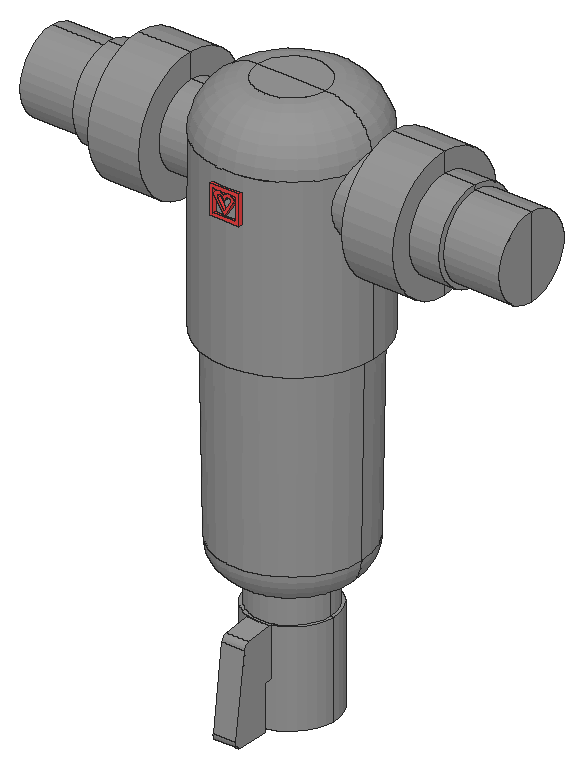
Revit family "Фильтр для горячей воды 0554", category Rohrzubehör, Revit 2021
Family settings
  Bemaßung runder Anschluss = Durchmesser verwenden
  Teiletyp = Unterbricht
  OmniClass-Nummer = 23.65.55.14
  OmniClass-Titel = Valves for Liquid Services
  Arbeitsebenenbasiert = Nein
  Immer vertikal = Ja
  Beim Laden mit Abzugskörper schneiden = Nein
  Gemeinsam genutzt = Nein
Parameters
  Фильтрующий элемент = "нержавеющая сталь, тонкость фильтрации 100 мкм"  # constant formula
  Среда = "Питьевая вода"  # constant formula
  Примечание = "В соответствии со статьей 33 Регламента REACH (Registration; Evaluation; Authorisation; Restriction of Chemicals) (EC № 1907/2006) мы обязаны указать, что свинец внесен в список SVHC (Substances of Very High Concern - вещества очень высокой важности) и весовой процент свинца во всех латунных компонентах заводского изготовления в наших изделиях, превышает 0,1 % (w/w) (CAS: 7439-92-1 / EINECS: 231-100-4).\r\nПоскольку свинец является легирующим компонентом сплава, прямое негативное влияние исключается, и поэтому дополнительной информации о безопасном использовании не требуется."
  Макс. рабочее давление = 1600000.0 Pa  # constant formula
  Макс. рабочая температура = 60 °C  # constant formula
  Корпус = "латунь, CW617N"  # constant formula
  Исполнение = "HERZ-фильтр для воды устанавливается на вводе в здание для предотвращения попадания загрязнений в питьевую воду."
  W02 = 88.00°  # constant formula
  W01 = 89.00°  # constant formula
  Vorgabe-Ansicht = 0.000 mm
  VRS01 = 10.000 mm  # constant formula
  SC_NennweiteBerechnet = 0
  SC_Dimension = ""
  SCTWSEQ = "FI;SBT_TYP_FI=\"FI\";2"
  SCTWCODE = "02;00;02"  # constant formula
  S01 [instance] = (L02 + VRL01 + VRL02) - (L01 / 2)  # 30.500 mm
  Модель = "Фильтр для горячей воды с корпусом из латуни и чашей из трогамида."
  Чаша = "пластик, трогамид"  # constant formula
  GT [instance] = size_lookup("0554_", "GT", 1.000 mm, Nennweite)  # 17.500 mm
  VRL02 [instance] = size_lookup("0554_", "VRL2", 1.000 mm, Nennweite)  # 27.000 mm
  VRL01 [instance] = size_lookup("0554_", "VRL1", 1.000 mm, Nennweite)  # 16.000 mm
  VRD02 [instance] = size_lookup("0554_", "VRD2", 1.000 mm, Nennweite)  # 14.000 mm
  VRD01 [instance] = size_lookup("0554_", "VRD1", 1.000 mm, Nennweite)  # 20.000 mm
  URL = "www.herz-armaturen.ru"
  T01 = 1.000 mm  # constant formula
  R02 = 8.000 mm  # constant formula
  R01 = 12.500 mm  # constant formula
  Nennweite [instance] = 25.000 mm
  D02 = 22.750 mm  # constant formula
  L02 [instance] = size_lookup("0554_", "L2", 1.000 mm, Nennweite)  # 31.500 mm
  L01 [instance] = size_lookup("0554_", "L1", 1.000 mm, Nennweite)  # 88.000 mm
  Hersteller = "HERZ Armaturen Ges.m.b.H."  # constant formula
  H04 = 151.000 mm  # constant formula
  H03 = 67.500 mm  # constant formula
  H02 = 45.500 mm  # constant formula
  H01 = 24.000 mm  # constant formula
  Номер заказа [instance] = if(Nennweite = 15.000 mm, "I055401", if(Nennweite = 20.000 mm, "I055402", if(Nennweite = 25.000 mm, "I055403", "0")))  # "I055403"
  AG [instance] = Nennweite / 2  # 12.500 mm
  D01 = 25.500 mm  # constant formula
Reference planes
  plane 1 "Mitte (Vorne/hinten)": y = 0
  plane 2: z = 0
  plane 3 "Mitte (Links/rechts)": x = 0
Forms (mm)
  Revolve 1, solid, material "Messing, weicher Gelbton, geschweißt", detail levels fine
    sketch origin (0, 0, 0) x (1, 0, 0) y (0, 0, 1)
      loop
        line (-44, 0) -> (44, 0) -> (44, 12.5) -> (-44, 12.5) -> (-44, 0)
      axis (-44, 0) -> (44, 0)
    angle from 0 to 360
  Revolve 2, solid, material "Messing, weicher Gelbton, geschweißt", detail levels fine
    sketch origin (0, 0, 0) x (1, 0, 0) y (0, 0, 1)
      loop
        line (-31.5, 0) -> (-31.5, 20) -> (-47.5, 20) -> (-47.5, 14) -> (-57, 14) -> (-57, 12.5) -> (-74.5, 12.5) -> (-74.5, 0) -> (-31.5, 0)
      axis (-74.5, 0) -> (-31.5, 0)
    angle from 0 to 360
  Revolve 3, solid, material "Messing, weicher Gelbton, geschweißt", detail levels fine
    sketch origin (0, 0, 0) x (-1, 0, 0) y (0, 0, 1)
      loop
        line (-31.5, 0) -> (-31.5, 20) -> (-47.5, 20) -> (-47.5, 14) -> (-57, 14) -> (-57, 12.5) -> (-74.5, 12.5) -> (-74.5, 0) -> (-31.5, 0)
      axis (-74.5, 0) -> (-31.5, 0)
    angle from 0 to 360
  Revolve 4, solid, material "Messing, weicher Gelbton, geschweißt", detail levels fine
    sketch origin (0, 0, 0) x (1, 0, 0) y (0, 0, 1)
      loop
        line (0, -45.5) -> (0, 24) -> (-10.5, 24)
        arc (-10.5, 24) -> (-21.107, 19.607) -> (-25.5, 9) r 15
        line (-25.5, 9) -> (-25.5, -45.5) -> (0, -45.5)
      axis (0, 24) -> (0, -45.5)
    angle from 0 to 360
  Revolve 5, solid, material "ABS-Kunststoff", detail levels fine
    sketch origin (0, 0, 0) x (1, 0, 0) y (0, 0, 1)
      loop
        line (0, -45.5) -> (-22.75, -45.5) -> (-21.744, -103.156)
        arc (-21.744, -103.156) -> (-19.193, -109.695) -> (-13, -113) r 10.114
        line (-13, -113) -> (0, -113) -> (0, -45.5)
      axis (0, -45.5) -> (0, -113)
    angle from 0 to 360
  Revolve 6, solid, material "Aluminium 3003-H16", detail levels fine
    sketch origin (0, 0, 0) x (1, 0, 0) y (0, 0, 1)
      loop
        line (-13.007, -151) -> (0, -151) -> (0, -113) -> (-12.007, -113) -> (-12.007, -122) -> (-13.007, -122) -> (-13.007, -151)
      axis (0, -113) -> (0, -151)
    angle from 0 to 360
  Extrusion 7, solid, material "Acetalharz, Schwarz", detail levels fine
    sketch origin (0, 0, 0) x (0, 1, 0) y (0, 0, 1)
      loop
        line (-15.045, -151) -> (-15.045, -137.8)
        arc (-15.045, -137.8) -> (-14.81, -137.234) -> (-14.245, -137) r 0.8
        line (-14.245, -137) -> (0, -137) -> (0, -122) -> (-12.995, -122) -> (-20.95, -122.837)
        arc (-20.95, -122.837) -> (-22.128, -123.386) -> (-22.72, -124.543) r 2
        line (-22.72, -124.543) -> (-26.174, -148.717)
        arc (-26.174, -148.717) -> (-25.705, -150.31) -> (-24.194, -151) r 2
        line (-24.194, -151) -> (-15.045, -151)
    from 3.5 to -3.5
Lines and regions (mm)
  model lines, detail levels coarse+medium
    curve 1: line (-44, 0, 24) -> (-44, 0, -24)
    curve 2: line (-44, 0, -24) -> (44, 0, -24)
    curve 3: line (44, 0, -24) -> (44, 0, 24)
    curve 4: line (44, 0, 24) -> (-44, 0, 24)
    curve 5: line (44, 0, 24) -> (12.5, 0, 0)
    curve 6: line (12.5, 0, 0) -> (44, 0, -24)
    curve 7: line (44, 0, 24) -> (54, 0, 24)
    curve 8: line (54, 0, 24) -> (44, 0, 0)
    curve 9: line (44, 0, -24) -> (54, 0, -24)
    curve 10: line (54, 0, -24) -> (44, 0, 0)
    curve 11: line (44, 0, 0) -> (74.5, 0, 0)
    curve 12: line (-44, 0, 24) -> (-54, 0, 24)
    curve 13: line (-54, 0, 24) -> (-44, 0, 0)
    curve 14: line (-44, 0, -24) -> (-54, 0, -24)
    curve 15: line (-54, 0, -24) -> (-44, 0, 0)
    curve 16: line (-44, 0, 0) -> (-74.5, 0, 0)
    curve 17: line (-44, -24, 0) -> (44, -24, 0)
    curve 18: line (-44, 24, 0) -> (-44, -24, 0)
    curve 19: line (44, 24, 0) -> (-44, 24, 0)
    curve 20: line (44, -24, 0) -> (44, 24, 0)
    curve 21: line (44, 24, 0) -> (8.232, 0, 0)
    curve 22: line (8.232, 0, 0) -> (44, -24, 0)
    curve 23: line (44, 24, 0) -> (54, 24, 0)
    curve 24: line (54, 24, 0) -> (44, 0, 0)
    curve 25: line (44, -24, 0) -> (54, -24, 0)
    curve 26: line (54, -24, 0) -> (44, 0, 0)
    curve 27: line (-44, 24, 0) -> (-54, 24, 0)
    curve 28: line (-54, 24, 0) -> (-44, 0, 0)
    curve 29: line (-44, -24, 0) -> (-54, -24, 0)
    curve 30: line (-54, -24, 0) -> (-44, 0, 0)
Dimensions and locks
  "L01": Revolve 1 sketch curve to Revolve 1 sketch curve
  equal spacing: Revolve 1 sketch curve, plane 3 "Mitte (Links/rechts)", Revolve 1 sketch curve
  "R01": Revolve 1 sketch curve to plane 2
  "L02": plane 3 "Mitte (Links/rechts)" to Revolve 2 sketch curve
  "VRL01": Revolve 2 sketch curve to Revolve 2 sketch curve
  "VRL02": Revolve 2 sketch curve to Revolve 2 sketch curve
  "GT": Revolve 2 sketch curve to Revolve 2 sketch curve
  "VRD01": Revolve 2 sketch curve to Revolve 2 sketch curve
  "VRD02": Revolve 2 sketch curve to Revolve 2 sketch curve
  "AG": Revolve 2 sketch curve to Revolve 2 sketch curve
  "VRL01": Revolve 3 sketch curve to Revolve 3 sketch curve
  "VRL02": Revolve 3 sketch curve to Revolve 3 sketch curve
  "GT": Revolve 3 sketch curve to Revolve 3 sketch curve
  "VRD01": Revolve 3 sketch curve to Revolve 3 sketch curve
  "VRD02": Revolve 3 sketch curve to Revolve 3 sketch curve
  "AG": Revolve 3 sketch curve to Revolve 3 sketch curve
  "L02": Revolve 3 sketch curve to plane 3 "Mitte (Links/rechts)"
  "H01": Revolve 4 sketch curve to plane 2
  "D01": Revolve 4 sketch curve to Revolve 4 sketch curve
  "H02": plane 2 to Revolve 4 sketch curve
  "D02": Revolve 5 sketch curve to Revolve 5 sketch curve
  "H02": plane 2 to Revolve 5 sketch curve
  "H03": Revolve 5 sketch curve to Revolve 5 sketch curve
  "H04": plane 2 to Revolve 6 sketch curve
  "D01": nested 1 to plane 1 "Mitte (Vorne/hinten)"
  equal spacing: curve 1, plane 3 "Mitte (Links/rechts)", curve 3
  "H01": curve 4 to level to curve 2
  "L01": curve 1 to curve 3
  "L02": curve 3 to curve 6
  "VRS01": curve 8 to curve 3
  "VRS01": curve 10 to curve 3
  "S01": curve 11 to curve 3
  "VRS01": curve 13 to curve 1
  "VRS01": curve 15 to curve 1
  "S01": curve 16 to Revolve 1
  "L01": curve 18 to curve 20
  equal spacing: curve 18, plane 3 "Mitte (Links/rechts)", curve 20
  "H01": curve 19 to plane 1 "Mitte (Vorne/hinten)" to curve 17
  "VRS01": curve 20 to curve 24
  "VRS01": curve 20 to curve 26
  "VRS01": curve 28 to curve 18
  "VRS01": curve 30 to curve 18
  "W01": angle Revolve 5 sketch curve to Revolve 4
  aligned and locked: level to plane 2
Automatic sketch dimensions
  Extrusion 7 sketch curve to plane 1 "Mitte (Vorne/hinten)" = 0.000 mm
  plane 1 "Mitte (Vorne/hinten)" to Extrusion 7 sketch curve = 12.995 mm
  plane 1 "Mitte (Vorne/hinten)" to Extrusion 7 sketch curve = 14.245 mm
  Extrusion 7 sketch curve to Extrusion 7 sketch curve = 0.800 mm
  Extrusion 7 sketch curve to Extrusion 7 sketch curve = 7.746 mm
  Extrusion 7 sketch curve to Extrusion 7 sketch curve = 0.209 mm
  Extrusion 7 sketch curve to Extrusion 7 sketch curve = 1.980 mm  (x2)
  Extrusion 7 sketch curve to Extrusion 7 sketch curve = 9.149 mm
  Extrusion 7 sketch curve to level = 151.000 mm
  Extrusion 7 sketch curve to Extrusion 7 sketch curve = 2.000 mm
  Extrusion 7 sketch curve to Extrusion 7 sketch curve = 13.200 mm
  Extrusion 7 sketch curve to Extrusion 7 sketch curve = 12.174 mm
  Extrusion 7 sketch curve to Extrusion 7 sketch curve = 0.283 mm
  Extrusion 7 sketch curve to Extrusion 7 sketch curve = 15.000 mm
  curve 15 to level = 0.000 mm
  curve 11 to level = 0.000 mm
  curve 8 to level = 0.000 mm
  curve 5 to level = 0.000 mm
  plane 1 "Mitte (Vorne/hinten)" to curve 22 = 0.000 mm
  plane 1 "Mitte (Vorne/hinten)" to curve 28 = 0.000 mm
  plane 1 "Mitte (Vorne/hinten)" to curve 24 = 0.000 mm
  plane 1 "Mitte (Vorne/hinten)" to curve 26 = 0.000 mm
  plane 3 "Mitte (Links/rechts)" to curve 22 = 8.232 mm
  Revolve 1 sketch curve to level = 0.000 mm  (x2)
  Revolve 1 sketch curve to Revolve 1 sketch curve = 1474.830 mm
  Revolve 1 sketch curve to Revolve 1 sketch curve = 1807.448 mm
  Revolve 2 sketch curve to level = 0.000 mm  (x2)
  Revolve 2 sketch curve to Revolve 2 sketch curve = 1440.530 mm
  plane 3 "Mitte (Links/rechts)" to Revolve 2 sketch curve = 1839.148 mm
  Revolve 3 sketch curve to level = 0.000 mm  (x2)
  Revolve 3 sketch curve to Revolve 3 sketch curve = 1440.530 mm
  plane 3 "Mitte (Links/rechts)" to Revolve 3 sketch curve = 1839.148 mm
  Revolve 4 sketch curve to plane 3 "Mitte (Links/rechts)" = 0.000 mm  (x2)
  level to Revolve 4 sketch curve = 9.000 mm
  Revolve 4 sketch curve to Revolve 4 sketch curve = 320.545 mm
  Revolve 4 sketch curve to Revolve 4 sketch curve = 2190.315 mm
  Revolve 5 sketch curve to plane 3 "Mitte (Links/rechts)" = 0.000 mm  (x2)
  Revolve 5 sketch curve to plane 3 "Mitte (Links/rechts)" = 21.744 mm
  Revolve 5 sketch curve to Revolve 5 sketch curve = 13.000 mm
  Revolve 5 sketch curve to Revolve 5 sketch curve = 10.112 mm
  Revolve 5 sketch curve to Revolve 5 sketch curve = 255.045 mm
  level to Revolve 5 sketch curve = 2214.315 mm
  Revolve 6 sketch curve to plane 3 "Mitte (Links/rechts)" = 0.000 mm  (x2)
  Revolve 6 sketch curve to plane 3 "Mitte (Links/rechts)" = 12.007 mm
  Revolve 6 sketch curve to plane 3 "Mitte (Links/rechts)" = 13.007 mm
  Revolve 6 sketch curve to Revolve 6 sketch curve = 29.000 mm
  Revolve 6 sketch curve to Revolve 6 sketch curve = 9.000 mm
  Revolve 6 sketch curve to Revolve 6 sketch curve = 192.045 mm
  level to Revolve 6 sketch curve = 2214.315 mm
Nested families
  nested 1: "Herz-Logo-vorne" at (0, -25.5, 0) x (0, 1, 0) z (0, 0, 1), type "Herz-Logo-vorne", detail levels fine
Connectors
  piping at (-74.5, 0, 0), diameter 25, driven by "Nennweite"
    settings: on Revolve 2, index 1, connector inside diameter 609.6 mm, connector length 0.000 mm, flow factor 0, pipe flow 0.0 L/s, pressure drop 0.0 Pa, fitting loss kfactor 0, connector angle 0.00°, fixture units 0, engagement length 0.000 mm, angle of deflection 0.00°, flow configuration 0, flow direction 1, fitting loss method 0, system type 19, joint type 0, gender type 0, connector reference index -1, connector utility 0, adjustable connector no, is connector primary yes, connector description ""
  piping at (74.5, 0, 0), diameter 25, driven by "Nennweite"
    settings: on Revolve 3, index 2, connector inside diameter 609.6 mm, connector length 0.000 mm, flow factor 0, pipe flow 0.0 L/s, pressure drop 0.0 Pa, fitting loss kfactor 0, connector angle 0.00°, fixture units 0, engagement length 0.000 mm, angle of deflection 0.00°, flow configuration 0, flow direction 2, fitting loss method 0, system type 19, joint type 0, gender type 0, connector reference index -1, connector utility 0, adjustable connector no, is connector primary no, connector description ""
Definition of nested family "Herz-Logo-vorne"
  Parameters (values of type "Herz-Logo-vorne")
    Default Elevation = 0.000 mm
  Reference planes
    plane 1 "Mitte (Vorne/hinten)": y = 0
    plane 2: z = 0
    plane 3 "Mitte (Links/rechts)": x = 0
  Forms (mm)
    Extrusion 1, solid
      sketch origin (0.732, -0.018, 0.017) x (0, -1, 0) y (0, 0, 1)
        loop
          line (-0.018, -4.517) -> (4.482, -4.517) -> (4.482, 4.483) -> (-4.518, 4.483) -> (-4.518, -4.517) -> (-0.018, -4.517)
        loop
          line (-0.05, -3.48) -> (3.482, -3.48) -> (3.482, 3.483) -> (-3.518, 3.483) -> (-3.518, -3.48) -> (-0.05, -3.48)
        loop
          arc (-0.018, 2.383) -> (-1.543, 3.287) -> (-3.067, 2.383) r 1.738
          arc (-3.067, 2.383) -> (-3.191, 1.899) -> (-3.067, 1.415) r 1.009
          line (-3.067, 1.415) -> (-0.018, -3.281) -> (3.032, 1.415)
          arc (3.032, 1.415) -> (3.156, 1.899) -> (3.032, 2.383) r 1.009
          arc (3.032, 2.383) -> (1.507, 3.287) -> (-0.018, 2.383) r 1.738
        loop
          arc (1.885, 1.272) -> (2.005, 1.675) -> (1.885, 2.079) r 0.74
          arc (1.885, 2.079) -> (1.265, 2.416) -> (0.644, 2.079) r 0.74
          line (0.644, 2.079) -> (-0.018, 0.97) -> (-0.679, 2.079)
          arc (-0.679, 2.079) -> (-1.3, 2.416) -> (-1.921, 2.079) r 0.74
          arc (-1.921, 2.079) -> (-2.04, 1.675) -> (-1.921, 1.272) r 0.74
          line (-1.921, 1.272) -> (-0.018, -1.658) -> (1.885, 1.272)
      from 0 to 1.5
  Dimensions and locks
    aligned and locked: level to plane 2
